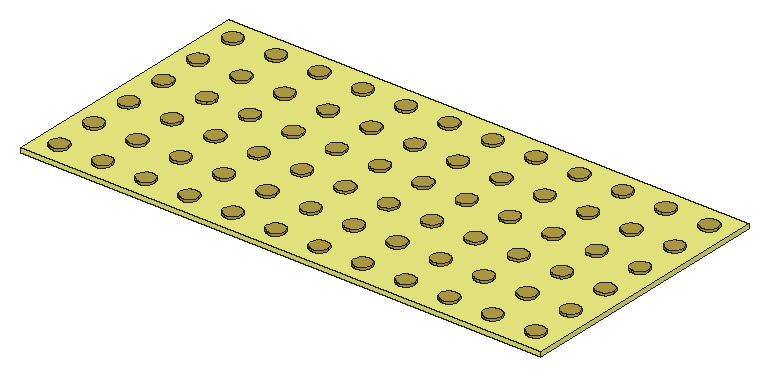
Revit family
Parameters
  폭 = 600 mm
  재료 = 점자 블럭 재료
  높이 = 5 mm
  깊이 = 300 mm
Reference planes
  plane 1 "중심(앞/뒤)": y = 0
  plane 2: z = 0
  plane 3 "중심(왼쪽/오른쪽)": x = 0
  plane 4: x = 300
  plane 5: x = -300
  plane 6: y = 150
  plane 7: y = -150
  plane 8: z = 5
Forms (mm)
  Extrusion 1, solid, material "점자 블럭 재료"
    sketch origin (0, 0, 0) x (1, 0, 0) y (0, 1, 0)
      loop
        line (-300, 150) -> (-300, -150) -> (300, -150) -> (300, 150) -> (-300, 150)
    from 0 to 5
  Extrusion 2, solid, material "점자 블록 재료(2)"
    sketch origin (0, 0, 0) x (1, 0, 0) y (0, 1, 0)
      loop
        circle (-275, 125) r 10
    from 5 to 7
  Extrusion 3, solid, material "점자 블록 재료(2)"
    sketch origin (50, 0, 0) x (1, 0, 0) y (0, 1, 0)
      loop
        circle (-275, 125) r 10
    from 5 to 7
  Extrusion 4, solid, material "점자 블록 재료(2)"
    sketch origin (100, 0, 0) x (1, 0, 0) y (0, 1, 0)
      loop
        circle (-275, 125) r 10
    from 5 to 7
  Extrusion 5, solid, material "점자 블록 재료(2)"
    sketch origin (150, 0, 0) x (1, 0, 0) y (0, 1, 0)
      loop
        circle (-275, 125) r 10
    from 5 to 7
  Extrusion 6, solid, material "점자 블록 재료(2)"
    sketch origin (200, 0, 0) x (1, 0, 0) y (0, 1, 0)
      loop
        circle (-275, 125) r 10
    from 5 to 7
  Extrusion 7, solid, material "점자 블록 재료(2)"
    sketch origin (250, 0, 0) x (1, 0, 0) y (0, 1, 0)
      loop
        circle (-275, 125) r 10
    from 5 to 7
  Extrusion 8, solid, material "점자 블록 재료(2)"
    sketch origin (300, 0, 0) x (1, 0, 0) y (0, 1, 0)
      loop
        circle (-275, 125) r 10
    from 5 to 7
  Extrusion 9, solid, material "점자 블록 재료(2)"
    sketch origin (350, 0, 0) x (1, 0, 0) y (0, 1, 0)
      loop
        circle (-275, 125) r 10
    from 5 to 7
  Extrusion 10, solid, material "점자 블록 재료(2)"
    sketch origin (400, 0, 0) x (1, 0, 0) y (0, 1, 0)
      loop
        circle (-275, 125) r 10
    from 5 to 7
  Extrusion 11, solid, material "점자 블록 재료(2)"
    sketch origin (450, 0, 0) x (1, 0, 0) y (0, 1, 0)
      loop
        circle (-275, 125) r 10
    from 5 to 7
  Extrusion 12, solid, material "점자 블록 재료(2)"
    sketch origin (500, 0, 0) x (1, 0, 0) y (0, 1, 0)
      loop
        circle (-275, 125) r 10
    from 5 to 7
  Extrusion 13, solid, material "점자 블록 재료(2)"
    sketch origin (550, 0, 0) x (1, 0, 0) y (0, 1, 0)
      loop
        circle (-275, 125) r 10
    from 5 to 7
  Extrusion 14, solid, material "점자 블록 재료(2)", not visible
    sketch origin (0, 0, 0) x (1, 0, 0) y (0, 1, 0)
      loop
        circle (-275, 125) r 10
    from 5 to 10
  Extrusion 15, solid, material "점자 블록 재료(2)"
    sketch origin (0, -50, 0) x (1, 0, 0) y (0, 1, 0)
      loop
        circle (-275, 125) r 10
    from 5 to 7
  Extrusion 16, solid, material "점자 블록 재료(2)"
    sketch origin (50, -50, 0) x (1, 0, 0) y (0, 1, 0)
      loop
        circle (-275, 125) r 10
    from 5 to 7
  Extrusion 17, solid, material "점자 블록 재료(2)"
    sketch origin (100, -50, 0) x (1, 0, 0) y (0, 1, 0)
      loop
        circle (-275, 125) r 10
    from 5 to 7
  Extrusion 18, solid, material "점자 블록 재료(2)"
    sketch origin (150, -50, 0) x (1, 0, 0) y (0, 1, 0)
      loop
        circle (-275, 125) r 10
    from 5 to 7
  Extrusion 19, solid, material "점자 블록 재료(2)"
    sketch origin (200, -50, 0) x (1, 0, 0) y (0, 1, 0)
      loop
        circle (-275, 125) r 10
    from 5 to 7
  Extrusion 20, solid, material "점자 블록 재료(2)"
    sketch origin (250, -50, 0) x (1, 0, 0) y (0, 1, 0)
      loop
        circle (-275, 125) r 10
    from 5 to 7
  Extrusion 21, solid, material "점자 블록 재료(2)"
    sketch origin (300, -50, 0) x (1, 0, 0) y (0, 1, 0)
      loop
        circle (-275, 125) r 10
    from 5 to 7
  Extrusion 22, solid, material "점자 블록 재료(2)"
    sketch origin (350, -50, 0) x (1, 0, 0) y (0, 1, 0)
      loop
        circle (-275, 125) r 10
    from 5 to 7
  Extrusion 23, solid, material "점자 블록 재료(2)"
    sketch origin (400, -50, 0) x (1, 0, 0) y (0, 1, 0)
      loop
        circle (-275, 125) r 10
    from 5 to 7
  Extrusion 24, solid, material "점자 블록 재료(2)"
    sketch origin (450, -50, 0) x (1, 0, 0) y (0, 1, 0)
      loop
        circle (-275, 125) r 10
    from 5 to 7
  Extrusion 25, solid, material "점자 블록 재료(2)"
    sketch origin (500, -50, 0) x (1, 0, 0) y (0, 1, 0)
      loop
        circle (-275, 125) r 10
    from 5 to 7
  Extrusion 26, solid, material "점자 블록 재료(2)"
    sketch origin (550, -50, 0) x (1, 0, 0) y (0, 1, 0)
      loop
        circle (-275, 125) r 10
    from 5 to 7
  Extrusion 27, solid, material "점자 블록 재료(2)"
    sketch origin (0, -100, 0) x (1, 0, 0) y (0, 1, 0)
      loop
        circle (-275, 125) r 10
    from 5 to 7
  Extrusion 28, solid, material "점자 블록 재료(2)"
    sketch origin (50, -100, 0) x (1, 0, 0) y (0, 1, 0)
      loop
        circle (-275, 125) r 10
    from 5 to 7
  Extrusion 29, solid, material "점자 블록 재료(2)"
    sketch origin (100, -100, 0) x (1, 0, 0) y (0, 1, 0)
      loop
        circle (-275, 125) r 10
    from 5 to 7
  Extrusion 30, solid, material "점자 블록 재료(2)"
    sketch origin (150, -100, 0) x (1, 0, 0) y (0, 1, 0)
      loop
        circle (-275, 125) r 10
    from 5 to 7
  Extrusion 31, solid, material "점자 블록 재료(2)"
    sketch origin (200, -100, 0) x (1, 0, 0) y (0, 1, 0)
      loop
        circle (-275, 125) r 10
    from 5 to 7
  Extrusion 32, solid, material "점자 블록 재료(2)"
    sketch origin (250, -100, 0) x (1, 0, 0) y (0, 1, 0)
      loop
        circle (-275, 125) r 10
    from 5 to 7
  Extrusion 33, solid, material "점자 블록 재료(2)"
    sketch origin (300, -100, 0) x (1, 0, 0) y (0, 1, 0)
      loop
        circle (-275, 125) r 10
    from 5 to 7
  Extrusion 34, solid, material "점자 블록 재료(2)"
    sketch origin (350, -100, 0) x (1, 0, 0) y (0, 1, 0)
      loop
        circle (-275, 125) r 10
    from 5 to 7
  Extrusion 35, solid, material "점자 블록 재료(2)"
    sketch origin (400, -100, 0) x (1, 0, 0) y (0, 1, 0)
      loop
        circle (-275, 125) r 10
    from 5 to 7
  Extrusion 36, solid, material "점자 블록 재료(2)"
    sketch origin (450, -100, 0) x (1, 0, 0) y (0, 1, 0)
      loop
        circle (-275, 125) r 10
    from 5 to 7
  Extrusion 37, solid, material "점자 블록 재료(2)"
    sketch origin (500, -100, 0) x (1, 0, 0) y (0, 1, 0)
      loop
        circle (-275, 125) r 10
    from 5 to 7
  Extrusion 38, solid, material "점자 블록 재료(2)"
    sketch origin (550, -100, 0) x (1, 0, 0) y (0, 1, 0)
      loop
        circle (-275, 125) r 10
    from 5 to 7
  Extrusion 39, solid, material "점자 블록 재료(2)"
    sketch origin (0, -150, 0) x (1, 0, 0) y (0, 1, 0)
      loop
        circle (-275, 125) r 10
    from 5 to 7
  Extrusion 40, solid, material "점자 블록 재료(2)"
    sketch origin (50, -150, 0) x (1, 0, 0) y (0, 1, 0)
      loop
        circle (-275, 125) r 10
    from 5 to 7
  Extrusion 41, solid, material "점자 블록 재료(2)"
    sketch origin (100, -150, 0) x (1, 0, 0) y (0, 1, 0)
      loop
        circle (-275, 125) r 10
    from 5 to 7
  Extrusion 42, solid, material "점자 블록 재료(2)"
    sketch origin (150, -150, 0) x (1, 0, 0) y (0, 1, 0)
      loop
        circle (-275, 125) r 10
    from 5 to 7
  Extrusion 43, solid, material "점자 블록 재료(2)"
    sketch origin (200, -150, 0) x (1, 0, 0) y (0, 1, 0)
      loop
        circle (-275, 125) r 10
    from 5 to 7
  Extrusion 44, solid, material "점자 블록 재료(2)"
    sketch origin (250, -150, 0) x (1, 0, 0) y (0, 1, 0)
      loop
        circle (-275, 125) r 10
    from 5 to 7
  Extrusion 45, solid, material "점자 블록 재료(2)"
    sketch origin (300, -150, 0) x (1, 0, 0) y (0, 1, 0)
      loop
        circle (-275, 125) r 10
    from 5 to 7
  Extrusion 46, solid, material "점자 블록 재료(2)"
    sketch origin (350, -150, 0) x (1, 0, 0) y (0, 1, 0)
      loop
        circle (-275, 125) r 10
    from 5 to 7
  Extrusion 47, solid, material "점자 블록 재료(2)"
    sketch origin (400, -150, 0) x (1, 0, 0) y (0, 1, 0)
      loop
        circle (-275, 125) r 10
    from 5 to 7
  Extrusion 48, solid, material "점자 블록 재료(2)"
    sketch origin (450, -150, 0) x (1, 0, 0) y (0, 1, 0)
      loop
        circle (-275, 125) r 10
    from 5 to 7
  Extrusion 49, solid, material "점자 블록 재료(2)"
    sketch origin (500, -150, 0) x (1, 0, 0) y (0, 1, 0)
      loop
        circle (-275, 125) r 10
    from 5 to 7
  Extrusion 50, solid, material "점자 블록 재료(2)"
    sketch origin (550, -150, 0) x (1, 0, 0) y (0, 1, 0)
      loop
        circle (-275, 125) r 10
    from 5 to 7
  Extrusion 51, solid, material "점자 블록 재료(2)"
    sketch origin (0, -200, 0) x (1, 0, 0) y (0, 1, 0)
      loop
        circle (-275, 125) r 10
    from 5 to 7
  Extrusion 52, solid, material "점자 블록 재료(2)"
    sketch origin (50, -200, 0) x (1, 0, 0) y (0, 1, 0)
      loop
        circle (-275, 125) r 10
    from 5 to 7
  Extrusion 53, solid, material "점자 블록 재료(2)"
    sketch origin (100, -200, 0) x (1, 0, 0) y (0, 1, 0)
      loop
        circle (-275, 125) r 10
    from 5 to 7
  Extrusion 54, solid, material "점자 블록 재료(2)"
    sketch origin (150, -200, 0) x (1, 0, 0) y (0, 1, 0)
      loop
        circle (-275, 125) r 10
    from 5 to 7
  Extrusion 55, solid, material "점자 블록 재료(2)"
    sketch origin (200, -200, 0) x (1, 0, 0) y (0, 1, 0)
      loop
        circle (-275, 125) r 10
    from 5 to 7
  Extrusion 56, solid, material "점자 블록 재료(2)"
    sketch origin (250, -200, 0) x (1, 0, 0) y (0, 1, 0)
      loop
        circle (-275, 125) r 10
    from 5 to 7
  Extrusion 57, solid, material "점자 블록 재료(2)"
    sketch origin (300, -200, 0) x (1, 0, 0) y (0, 1, 0)
      loop
        circle (-275, 125) r 10
    from 5 to 7
  Extrusion 58, solid, material "점자 블록 재료(2)"
    sketch origin (350, -200, 0) x (1, 0, 0) y (0, 1, 0)
      loop
        circle (-275, 125) r 10
    from 5 to 7
  Extrusion 59, solid, material "점자 블록 재료(2)"
    sketch origin (400, -200, 0) x (1, 0, 0) y (0, 1, 0)
      loop
        circle (-275, 125) r 10
    from 5 to 7
  Extrusion 60, solid, material "점자 블록 재료(2)"
    sketch origin (450, -200, 0) x (1, 0, 0) y (0, 1, 0)
      loop
        circle (-275, 125) r 10
    from 5 to 7
  Extrusion 61, solid, material "점자 블록 재료(2)"
    sketch origin (500, -200, 0) x (1, 0, 0) y (0, 1, 0)
      loop
        circle (-275, 125) r 10
    from 5 to 7
  Extrusion 62, solid, material "점자 블록 재료(2)"
    sketch origin (550, -200, 0) x (1, 0, 0) y (0, 1, 0)
      loop
        circle (-275, 125) r 10
    from 5 to 7
  Extrusion 63, solid, material "점자 블록 재료(2)"
    sketch origin (0, -250, 0) x (1, 0, 0) y (0, 1, 0)
      loop
        circle (-275, 125) r 10
    from 5 to 7
  Extrusion 64, solid, material "점자 블록 재료(2)"
    sketch origin (50, -250, 0) x (1, 0, 0) y (0, 1, 0)
      loop
        circle (-275, 125) r 10
    from 5 to 7
  Extrusion 65, solid, material "점자 블록 재료(2)"
    sketch origin (100, -250, 0) x (1, 0, 0) y (0, 1, 0)
      loop
        circle (-275, 125) r 10
    from 5 to 7
  Extrusion 66, solid, material "점자 블록 재료(2)"
    sketch origin (150, -250, 0) x (1, 0, 0) y (0, 1, 0)
      loop
        circle (-275, 125) r 10
    from 5 to 7
  Extrusion 67, solid, material "점자 블록 재료(2)"
    sketch origin (200, -250, 0) x (1, 0, 0) y (0, 1, 0)
      loop
        circle (-275, 125) r 10
    from 5 to 7
  Extrusion 68, solid, material "점자 블록 재료(2)"
    sketch origin (250, -250, 0) x (1, 0, 0) y (0, 1, 0)
      loop
        circle (-275, 125) r 10
    from 5 to 7
  Extrusion 69, solid, material "점자 블록 재료(2)"
    sketch origin (300, -250, 0) x (1, 0, 0) y (0, 1, 0)
      loop
        circle (-275, 125) r 10
    from 5 to 7
  Extrusion 70, solid, material "점자 블록 재료(2)"
    sketch origin (350, -250, 0) x (1, 0, 0) y (0, 1, 0)
      loop
        circle (-275, 125) r 10
    from 5 to 7
  Extrusion 71, solid, material "점자 블록 재료(2)"
    sketch origin (400, -250, 0) x (1, 0, 0) y (0, 1, 0)
      loop
        circle (-275, 125) r 10
    from 5 to 7
  Extrusion 72, solid, material "점자 블록 재료(2)"
    sketch origin (450, -250, 0) x (1, 0, 0) y (0, 1, 0)
      loop
        circle (-275, 125) r 10
    from 5 to 7
  Extrusion 73, solid, material "점자 블록 재료(2)"
    sketch origin (500, -250, 0) x (1, 0, 0) y (0, 1, 0)
      loop
        circle (-275, 125) r 10
    from 5 to 7
  Extrusion 74, solid, material "점자 블록 재료(2)"
    sketch origin (550, -250, 0) x (1, 0, 0) y (0, 1, 0)
      loop
        circle (-275, 125) r 10
    from 5 to 7
Lines and regions (mm)
  sketch lines
    curve 1: line (-2000, 2000, 0) -> (2000, 2000, 0)
    curve 2: line (-2000, 2000, 0) -> (-2000, -2000, 0)
    curve 3: line (-2000, -2000, 0) -> (2000, -2000, 0)
    curve 4: line (2000, 2000, 0) -> (2000, -2000, 0)
  symbolic lines, not visible
    curve 5: circle (-275, 125, 0) r 10 normal (0, 0, 1)
  model lines
    curve 6: line (0, 150, 5) -> (0, -150, 5)
Dimensions and locks
  "폭": plane 5 to plane 4
  equal spacing: plane 5, plane 3 "중심(왼쪽/오른쪽)", plane 4
  equal spacing: plane 7, plane 1 "중심(앞/뒤)", plane 6
  "깊이": plane 7 to plane 6
  "높이": plane 8 to level
  aligned and locked: plane 5 to Extrusion 1 sketch curve
  aligned and locked: plane 6 to Extrusion 1 sketch curve
  aligned and locked: plane 7 to Extrusion 1 sketch curve
  aligned and locked: Extrusion 1 sketch curve to plane 4
  aligned and locked: Extrusion 1 to plane 8
  aligned and locked: Extrusion 2 to Extrusion 1
Automatic sketch dimensions
  curve 2 to curve 3 = 4000 mm
  curve 2 to curve 2 = 4000 mm
  Extrusion 13 sketch curve to plane 4 = 25 mm
  Extrusion 26 sketch curve to plane 4 = 25 mm
  Extrusion 38 sketch curve to plane 4 = 25 mm
  Extrusion 50 sketch curve to plane 4 = 25 mm
  Extrusion 62 sketch curve to plane 4 = 25 mm
  Extrusion 74 sketch curve to plane 4 = 25 mm
  plane 3 "중심(왼쪽/오른쪽)" to Extrusion 8 sketch curve = 25 mm
  plane 3 "중심(왼쪽/오른쪽)" to Extrusion 9 sketch curve = 75 mm
  plane 3 "중심(왼쪽/오른쪽)" to Extrusion 10 sketch curve = 125 mm
  Extrusion 11 sketch curve to plane 4 = 125 mm
  Extrusion 12 sketch curve to plane 4 = 75 mm
  plane 3 "중심(왼쪽/오른쪽)" to Extrusion 21 sketch curve = 25 mm
  plane 3 "중심(왼쪽/오른쪽)" to Extrusion 22 sketch curve = 75 mm
  plane 3 "중심(왼쪽/오른쪽)" to Extrusion 23 sketch curve = 125 mm
  Extrusion 24 sketch curve to plane 4 = 125 mm
  Extrusion 25 sketch curve to plane 4 = 75 mm
  plane 3 "중심(왼쪽/오른쪽)" to Extrusion 33 sketch curve = 25 mm
  plane 3 "중심(왼쪽/오른쪽)" to Extrusion 34 sketch curve = 75 mm
  plane 3 "중심(왼쪽/오른쪽)" to Extrusion 35 sketch curve = 125 mm
  Extrusion 36 sketch curve to plane 4 = 125 mm
  Extrusion 37 sketch curve to plane 4 = 75 mm
  plane 3 "중심(왼쪽/오른쪽)" to Extrusion 45 sketch curve = 25 mm
  plane 3 "중심(왼쪽/오른쪽)" to Extrusion 46 sketch curve = 75 mm
  plane 3 "중심(왼쪽/오른쪽)" to Extrusion 47 sketch curve = 125 mm
  Extrusion 48 sketch curve to plane 4 = 125 mm
  Extrusion 49 sketch curve to plane 4 = 75 mm
  plane 3 "중심(왼쪽/오른쪽)" to Extrusion 57 sketch curve = 25 mm
  plane 3 "중심(왼쪽/오른쪽)" to Extrusion 58 sketch curve = 75 mm
  plane 3 "중심(왼쪽/오른쪽)" to Extrusion 59 sketch curve = 125 mm
  Extrusion 60 sketch curve to plane 4 = 125 mm
  Extrusion 61 sketch curve to plane 4 = 75 mm
  plane 3 "중심(왼쪽/오른쪽)" to Extrusion 69 sketch curve = 25 mm
  plane 3 "중심(왼쪽/오른쪽)" to Extrusion 70 sketch curve = 75 mm
  plane 3 "중심(왼쪽/오른쪽)" to Extrusion 71 sketch curve = 125 mm
  Extrusion 72 sketch curve to plane 4 = 125 mm
  Extrusion 73 sketch curve to plane 4 = 75 mm
  Extrusion 7 sketch curve to plane 3 "중심(왼쪽/오른쪽)" = 25 mm
  Extrusion 20 sketch curve to plane 3 "중심(왼쪽/오른쪽)" = 25 mm
  Extrusion 32 sketch curve to plane 3 "중심(왼쪽/오른쪽)" = 25 mm
  Extrusion 44 sketch curve to plane 3 "중심(왼쪽/오른쪽)" = 25 mm
  Extrusion 56 sketch curve to plane 3 "중심(왼쪽/오른쪽)" = 25 mm
  Extrusion 68 sketch curve to plane 3 "중심(왼쪽/오른쪽)" = 25 mm
  plane 5 to Extrusion 2 sketch curve = 25 mm
  plane 5 to Extrusion 3 sketch curve = 75 mm
  plane 5 to Extrusion 4 sketch curve = 125 mm
  Extrusion 5 sketch curve to plane 3 "중심(왼쪽/오른쪽)" = 125 mm
  Extrusion 6 sketch curve to plane 3 "중심(왼쪽/오른쪽)" = 75 mm
  plane 5 to Extrusion 15 sketch curve = 25 mm
  plane 5 to Extrusion 16 sketch curve = 75 mm
  plane 5 to Extrusion 17 sketch curve = 125 mm
  Extrusion 18 sketch curve to plane 3 "중심(왼쪽/오른쪽)" = 125 mm
  Extrusion 19 sketch curve to plane 3 "중심(왼쪽/오른쪽)" = 75 mm
  plane 5 to Extrusion 27 sketch curve = 25 mm
  plane 5 to Extrusion 28 sketch curve = 75 mm
  plane 5 to Extrusion 29 sketch curve = 125 mm
  Extrusion 30 sketch curve to plane 3 "중심(왼쪽/오른쪽)" = 125 mm
  Extrusion 31 sketch curve to plane 3 "중심(왼쪽/오른쪽)" = 75 mm
  plane 5 to Extrusion 39 sketch curve = 25 mm
  plane 5 to Extrusion 40 sketch curve = 75 mm
  plane 5 to Extrusion 41 sketch curve = 125 mm
  Extrusion 42 sketch curve to plane 3 "중심(왼쪽/오른쪽)" = 125 mm
  Extrusion 43 sketch curve to plane 3 "중심(왼쪽/오른쪽)" = 75 mm
  plane 5 to Extrusion 51 sketch curve = 25 mm
  plane 5 to Extrusion 52 sketch curve = 75 mm
  plane 5 to Extrusion 53 sketch curve = 125 mm
  Extrusion 54 sketch curve to plane 3 "중심(왼쪽/오른쪽)" = 125 mm
  Extrusion 55 sketch curve to plane 3 "중심(왼쪽/오른쪽)" = 75 mm
  plane 5 to Extrusion 63 sketch curve = 25 mm
  plane 5 to Extrusion 64 sketch curve = 75 mm
  plane 5 to Extrusion 65 sketch curve = 125 mm
  Extrusion 66 sketch curve to plane 3 "중심(왼쪽/오른쪽)" = 125 mm
  Extrusion 67 sketch curve to plane 3 "중심(왼쪽/오른쪽)" = 75 mm
  plane 1 "중심(앞/뒤)" to Extrusion 39 sketch curve = 25 mm
  plane 1 "중심(앞/뒤)" to Extrusion 40 sketch curve = 25 mm
  plane 1 "중심(앞/뒤)" to Extrusion 41 sketch curve = 25 mm
  plane 1 "중심(앞/뒤)" to Extrusion 42 sketch curve = 25 mm
  plane 1 "중심(앞/뒤)" to Extrusion 43 sketch curve = 25 mm
  plane 1 "중심(앞/뒤)" to Extrusion 44 sketch curve = 25 mm
  plane 1 "중심(앞/뒤)" to Extrusion 45 sketch curve = 25 mm
  plane 1 "중심(앞/뒤)" to Extrusion 46 sketch curve = 25 mm
  plane 1 "중심(앞/뒤)" to Extrusion 47 sketch curve = 25 mm
  plane 1 "중심(앞/뒤)" to Extrusion 48 sketch curve = 25 mm
  plane 1 "중심(앞/뒤)" to Extrusion 49 sketch curve = 25 mm
  plane 1 "중심(앞/뒤)" to Extrusion 50 sketch curve = 25 mm
  plane 1 "중심(앞/뒤)" to Extrusion 51 sketch curve = 75 mm
  plane 1 "중심(앞/뒤)" to Extrusion 52 sketch curve = 75 mm
  plane 1 "중심(앞/뒤)" to Extrusion 53 sketch curve = 75 mm
  plane 1 "중심(앞/뒤)" to Extrusion 54 sketch curve = 75 mm
  plane 1 "중심(앞/뒤)" to Extrusion 55 sketch curve = 75 mm
  plane 1 "중심(앞/뒤)" to Extrusion 56 sketch curve = 75 mm
  plane 1 "중심(앞/뒤)" to Extrusion 57 sketch curve = 75 mm
  plane 1 "중심(앞/뒤)" to Extrusion 58 sketch curve = 75 mm
  plane 1 "중심(앞/뒤)" to Extrusion 59 sketch curve = 75 mm
  plane 1 "중심(앞/뒤)" to Extrusion 60 sketch curve = 75 mm
  plane 1 "중심(앞/뒤)" to Extrusion 61 sketch curve = 75 mm
  plane 1 "중심(앞/뒤)" to Extrusion 62 sketch curve = 75 mm
  Extrusion 63 sketch curve to plane 7 = 25 mm
  Extrusion 64 sketch curve to plane 7 = 25 mm
  Extrusion 65 sketch curve to plane 7 = 25 mm
  Extrusion 66 sketch curve to plane 7 = 25 mm
  Extrusion 67 sketch curve to plane 7 = 25 mm
  Extrusion 68 sketch curve to plane 7 = 25 mm
  Extrusion 69 sketch curve to plane 7 = 25 mm
  Extrusion 70 sketch curve to plane 7 = 25 mm
  Extrusion 71 sketch curve to plane 7 = 25 mm
  Extrusion 72 sketch curve to plane 7 = 25 mm
  Extrusion 73 sketch curve to plane 7 = 25 mm
  Extrusion 74 sketch curve to plane 7 = 25 mm
  plane 6 to Extrusion 2 sketch curve = 25 mm
  plane 6 to Extrusion 3 sketch curve = 25 mm
  plane 6 to Extrusion 4 sketch curve = 25 mm
  plane 6 to Extrusion 5 sketch curve = 25 mm
  plane 6 to Extrusion 6 sketch curve = 25 mm
  plane 6 to Extrusion 7 sketch curve = 25 mm
  plane 6 to Extrusion 8 sketch curve = 25 mm
  plane 6 to Extrusion 9 sketch curve = 25 mm
  plane 6 to Extrusion 10 sketch curve = 25 mm
  plane 6 to Extrusion 11 sketch curve = 25 mm
  plane 6 to Extrusion 12 sketch curve = 25 mm
  plane 6 to Extrusion 13 sketch curve = 25 mm
  Extrusion 15 sketch curve to plane 1 "중심(앞/뒤)" = 75 mm
  Extrusion 16 sketch curve to plane 1 "중심(앞/뒤)" = 75 mm
  Extrusion 17 sketch curve to plane 1 "중심(앞/뒤)" = 75 mm
  Extrusion 18 sketch curve to plane 1 "중심(앞/뒤)" = 75 mm
  Extrusion 19 sketch curve to plane 1 "중심(앞/뒤)" = 75 mm
  Extrusion 20 sketch curve to plane 1 "중심(앞/뒤)" = 75 mm
  Extrusion 21 sketch curve to plane 1 "중심(앞/뒤)" = 75 mm
  Extrusion 22 sketch curve to plane 1 "중심(앞/뒤)" = 75 mm
  Extrusion 23 sketch curve to plane 1 "중심(앞/뒤)" = 75 mm
  Extrusion 24 sketch curve to plane 1 "중심(앞/뒤)" = 75 mm
  Extrusion 25 sketch curve to plane 1 "중심(앞/뒤)" = 75 mm
  Extrusion 26 sketch curve to plane 1 "중심(앞/뒤)" = 75 mm
  Extrusion 27 sketch curve to plane 1 "중심(앞/뒤)" = 25 mm
  Extrusion 28 sketch curve to plane 1 "중심(앞/뒤)" = 25 mm
  Extrusion 29 sketch curve to plane 1 "중심(앞/뒤)" = 25 mm
  Extrusion 30 sketch curve to plane 1 "중심(앞/뒤)" = 25 mm
  Extrusion 31 sketch curve to plane 1 "중심(앞/뒤)" = 25 mm
  Extrusion 32 sketch curve to plane 1 "중심(앞/뒤)" = 25 mm
  Extrusion 33 sketch curve to plane 1 "중심(앞/뒤)" = 25 mm
  Extrusion 34 sketch curve to plane 1 "중심(앞/뒤)" = 25 mm
  Extrusion 35 sketch curve to plane 1 "중심(앞/뒤)" = 25 mm
  Extrusion 36 sketch curve to plane 1 "중심(앞/뒤)" = 25 mm
  Extrusion 37 sketch curve to plane 1 "중심(앞/뒤)" = 25 mm
  Extrusion 38 sketch curve to plane 1 "중심(앞/뒤)" = 25 mm
  curve 6 to plane 3 "중심(왼쪽/오른쪽)" = 0 mm
  curve 6 to plane 6 = 0 mm
  curve 6 to plane 7 = 0 mm
  radius of Extrusion 2 sketch curve = 10 mm
  radius of Extrusion 3 sketch curve = 10 mm
  radius of Extrusion 4 sketch curve = 10 mm
  radius of Extrusion 5 sketch curve = 10 mm
  radius of Extrusion 6 sketch curve = 10 mm
  radius of Extrusion 7 sketch curve = 10 mm
  radius of Extrusion 8 sketch curve = 10 mm
  radius of Extrusion 9 sketch curve = 10 mm
  radius of Extrusion 10 sketch curve = 10 mm
  radius of Extrusion 11 sketch curve = 10 mm
  radius of Extrusion 12 sketch curve = 10 mm
  radius of Extrusion 13 sketch curve = 10 mm
  radius of Extrusion 14 sketch curve = 10 mm
  radius of Extrusion 15 sketch curve = 10 mm
  radius of Extrusion 16 sketch curve = 10 mm
  radius of Extrusion 17 sketch curve = 10 mm
  radius of Extrusion 18 sketch curve = 10 mm
  radius of Extrusion 19 sketch curve = 10 mm
  radius of Extrusion 20 sketch curve = 10 mm
  radius of Extrusion 21 sketch curve = 10 mm
  radius of Extrusion 22 sketch curve = 10 mm
  radius of Extrusion 23 sketch curve = 10 mm
  radius of Extrusion 24 sketch curve = 10 mm
  radius of Extrusion 25 sketch curve = 10 mm
  radius of Extrusion 26 sketch curve = 10 mm
  radius of Extrusion 27 sketch curve = 10 mm
  radius of Extrusion 28 sketch curve = 10 mm
  radius of Extrusion 29 sketch curve = 10 mm
  radius of Extrusion 30 sketch curve = 10 mm
  radius of Extrusion 31 sketch curve = 10 mm
  radius of Extrusion 32 sketch curve = 10 mm
  radius of Extrusion 33 sketch curve = 10 mm
  radius of Extrusion 34 sketch curve = 10 mm
  radius of Extrusion 35 sketch curve = 10 mm
  radius of Extrusion 36 sketch curve = 10 mm
  radius of Extrusion 37 sketch curve = 10 mm
  radius of Extrusion 38 sketch curve = 10 mm
  radius of Extrusion 39 sketch curve = 10 mm
  radius of Extrusion 40 sketch curve = 10 mm
  radius of Extrusion 41 sketch curve = 10 mm
  radius of Extrusion 42 sketch curve = 10 mm
  radius of Extrusion 43 sketch curve = 10 mm
  radius of Extrusion 44 sketch curve = 10 mm
  radius of Extrusion 45 sketch curve = 10 mm
  radius of Extrusion 46 sketch curve = 10 mm
  radius of Extrusion 47 sketch curve = 10 mm
  radius of Extrusion 48 sketch curve = 10 mm
  radius of Extrusion 49 sketch curve = 10 mm
  radius of Extrusion 50 sketch curve = 10 mm
  radius of Extrusion 51 sketch curve = 10 mm
  radius of Extrusion 52 sketch curve = 10 mm
  radius of Extrusion 53 sketch curve = 10 mm
  radius of Extrusion 54 sketch curve = 10 mm
  radius of Extrusion 55 sketch curve = 10 mm
  radius of Extrusion 56 sketch curve = 10 mm
  radius of Extrusion 57 sketch curve = 10 mm
  radius of Extrusion 58 sketch curve = 10 mm
  radius of Extrusion 59 sketch curve = 10 mm
  radius of Extrusion 60 sketch curve = 10 mm
  radius of Extrusion 61 sketch curve = 10 mm
  radius of Extrusion 62 sketch curve = 10 mm
  radius of Extrusion 63 sketch curve = 10 mm
  radius of Extrusion 64 sketch curve = 10 mm
  radius of Extrusion 65 sketch curve = 10 mm
  radius of Extrusion 66 sketch curve = 10 mm
  radius of Extrusion 67 sketch curve = 10 mm
  radius of Extrusion 68 sketch curve = 10 mm
  radius of Extrusion 69 sketch curve = 10 mm
  radius of Extrusion 70 sketch curve = 10 mm
  radius of Extrusion 71 sketch curve = 10 mm
  radius of Extrusion 72 sketch curve = 10 mm
  radius of Extrusion 73 sketch curve = 10 mm
  radius of Extrusion 74 sketch curve = 10 mm
